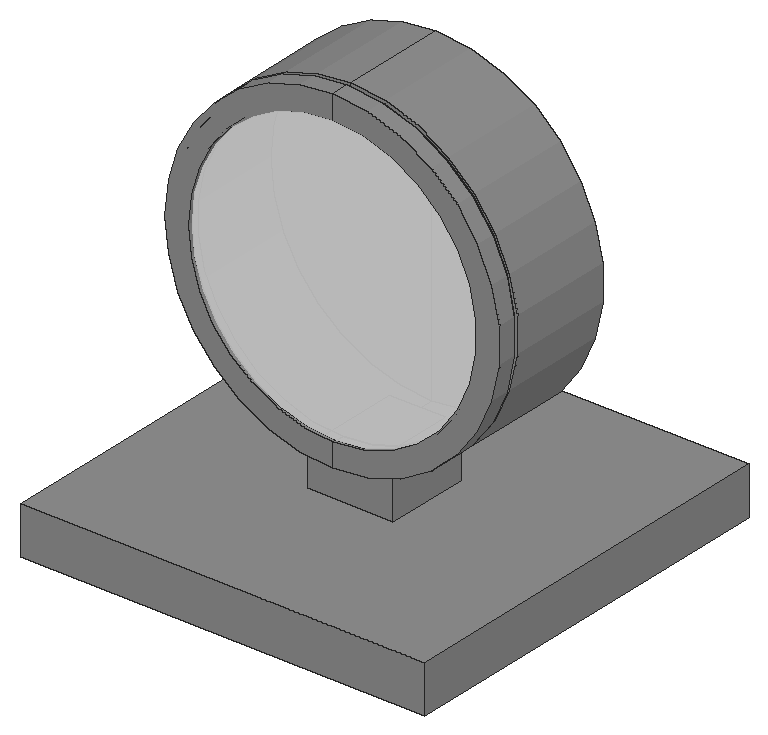
Revit family "3-726-xx - 37-726-xx - Ceres (Outdoor)", category Lighting Fixtures, host Face, Revit 2018
Family settings
  Host = Face
  Round Connector Dimension = Use Diameter
  Part Type = Normal
  Cut with Voids When Loaded = No
  Light Source = Yes
  Shared = No
  Room Calculation Point = No
Parameters (values of type "3-726-16 / 37-726-16 - Ceres")
  Wattage Comments = "10.30 W at 120 V"  # constant formula
  Wattage = 10.3 W
  built-in parameter 1150110 = 1 (stored number, unit not read)
  Voltage Input [instance] = "120 V or 277 V 50/60Hz"  # constant formula
  URL = "www.oxygenlighting.com"
  built-in parameter 1114217 = 1 (stored number, unit not read)
  Tilt Angle = 90.00°
  built-in parameter 1150109 = 1 (stored number, unit not read)
  built-in parameter 1150134 = (empty or 0)
  built-in parameter 1150113 = 1 (stored number, unit not read)
  Photometric Web File = "3-726-16 Ceres.ies"
  Other = none
  References [instance] = "Ref. 3 = 120V / Ref. 37 = 277 V"  # constant formula
  Model = "3-726-xx / 37-726-xx - Ceres"  # constant formula
  Metal Finish = 16 - Gray
  Manufacturer = "Oxygen Lighting"  # constant formula
  built-in parameter 1150105 = 37.212 (stored number, unit not read)
  Lumens = 467.62 lm
  built-in parameter 1150115 = 1 (stored number, unit not read)
  built-in parameter 1150137 = (empty or 0)
  built-in parameter 1150139 = (empty or 0)
  built-in parameter 1150112 = 1 (stored number, unit not read)
  built-in parameter 1150114 = 1 (stored number, unit not read)
  Lamp = "LED Array"  # constant formula
  built-in parameter 1150132 = (empty or 0)
  built-in parameter 1150102 = (empty or 0)
  built-in parameter 1150107 = 3000 (stored number, unit not read)
  built-in parameter 1150138 = (empty or 0)
  built-in parameter 1150106 = 0.37212 (stored number, unit not read)
  Emit from Circle Diameter = 3.00"
  Emit Shape Visible in Rendering = no
  built-in parameter 1150104 = 4.2178 (stored number, unit not read)
  Dimming Lamp Color Temperature Shift = <None>
  Diffuser = White Opal Glass
  Default Elevation = 0.00"
  Color Filter = 16777215
  built-in parameter 1114218 = 1 (stored number, unit not read)
  built-in parameter 1150133 = 10 (stored number, unit not read)
Types (3): name | Metal Finish
  (no name) | 16 - Gray
  3-726-16 / 37-726-16 - Ceres | 16 - Gray
  3-726-22 / 37-726-22 - Ceres | 22- Oiled Bronze
Reference planes (in)
  plane 1 "Center (Front/Back)": y = 0
  plane 2: z = 0
  plane 3 "Center (Left/Right)": x = 0
Dimensions and locks (in)
  aligned and locked: plane 2 to host face
  aligned and locked: level to host face
Nested families (in)
  nested 1: "3-726 Ceres" at (0, 0, 0), type "3-726 Ceres"
Definition of nested family "3-726 Ceres"
  Parameters (values of type "3-726 Ceres")
    Others 2 = none
    Others 1 = none
    Metal Finish = none
    Main Diffuser = none
    2nd Diffuser = none
  Reference planes (in)
    plane 1 "Center (Front/Back)": y = 0
    plane 2: z = 0
    plane 3 "Center (Left/Right)": x = 0
    plane 4 "Top": y = 2.37
  Forms (in)
    Revolve 1, solid, material <- "Metal Finish"
      sketch origin (0.0014, -80.00656, -2.95276) x (0, 0, 1) y (0, 1, 0)
        loop
          line (5.98276, 80.75479) -> (4.01276, 80.75479) -> (4.01276, 79.50479) -> (4.05197, 79.50479) -> (4.05197, 79.45339) -> (4.01276, 79.45339) -> (4.01276, 79.24207) -> (4.29276, 79.24207) -> (4.29276, 79.27675) -> (4.08411, 79.27675) -> (4.08411, 80.69797) -> (5.98276, 80.69797) -> (5.98276, 80.75479)
        axis (5.98276, 79.24207) -> (5.98276, 80.75479)
      angle from 0 to 360
    Extrusion 2, solid, material <- "Metal Finish"
      sketch origin (4.92266, -0.00656, -2.95276) x (-1, 0, 0) y (0, 0, 1)
        loop
          line (2.54532, 2.95276) -> (7.3, 2.95276) -> (7.3, 3.51276) -> (2.54532, 3.51276) -> (2.54532, 2.95276)
      from -2.37656 to 2.37656
    Extrusion 3, solid, material <- "Metal Finish"
      sketch origin (4.92266, -0.00656, -2.95276) x (-1, 0, 0) y (0, 0, 1)
        loop
          line (4.41715, 3.51276) -> (5.42042, 3.51276) -> (5.42042, 4.11761) -> (4.41715, 4.11761) -> (4.41715, 3.51276)
      from -0.5 to 0.48576
    Extrusion 4, solid, material <- "Main Diffuser"
      sketch origin (4.92266, -0.00656, -2.95276) x (-1, 0, 0) y (0, 0, 1)
        loop
          circle (4.92126, 5.98276) r 1.71
      from -0.72325 to -0.60081
  Lines and regions (in)
    model lines
      curve 1: line (-4, 0, 0) -> (4, 0, 0)
      curve 2: line (0, -4, 0) -> (0, 4, 0)
    symbolic lines
      curve 3: circle (0, 0, 0) r 2 normal (0, 0, 1)
    model lines, not visible
      curve 4: line (-13.0722, 21.77075, 0) -> (-5.0722, 21.77075, 0)
      curve 5: line (-9.0722, 17.77075, 0) -> (-9.0722, 25.77075, 0)
    symbolic lines, not visible
      curve 6: circle (-9.0722, 21.77075, 0) r 2 normal (0, 0, 1)
  Text (in)
    text "M.C." at (0.88973, 1.62995, 0), in view "Ref. Level"
    text "M.C." at (-8.18247, 23.4007, 0), in view "Ref. Level", not visible
  Dimensions and locks (in)
    aligned and locked: plane 2 to level
